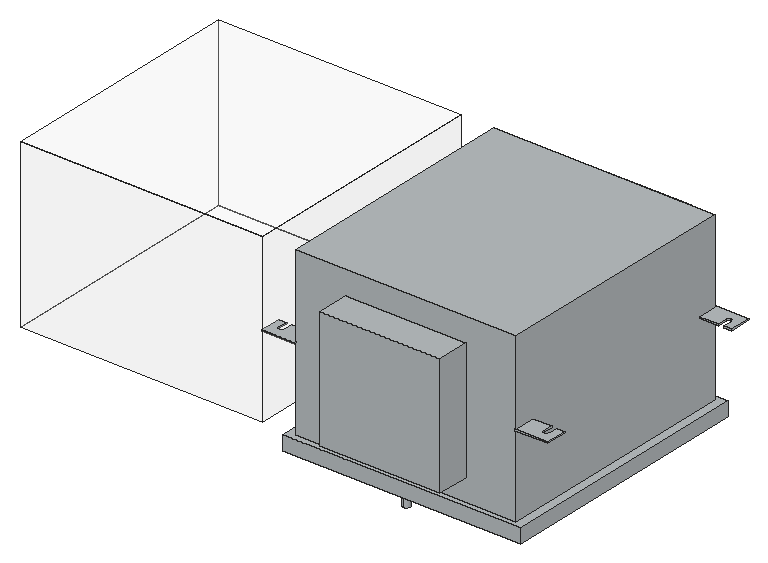
Revit family "bfs-300_1000tx2_60Hz", category 機械設備, Revit 2019
Family settings
  丸型コネクタ寸法 = 直径を使用
  パーツ タイプ = 割り込み
  OmniClass 番号 = 23.75.35.17.24
  OmniClass タイトル = Axial Fans
  作業面ベース = いいえ
  常に垂直 = はい
  ロード時にボイドで切り取り = いいえ
  共有 = いいえ
  部屋計算ポイント = はい
Parameters (values of type "BFS-300TX2")
  騒音レベル(dB(A))_吸込 = 70
  騒音レベル(dB(A))_吐出 = 73
  騒音レベル(dB(A))_側面 = 50.5
  騒音レベル(dB(A)) = 70
  風量 [instance] = 設計風量  # 0.0 m³/h
  電源種別 [instance] = "一般"
  電圧 = 200 V
  電動機出力 = 1500 W
  電動機_種別 [instance] = ""
  運転質量 = 0.00 kg
  連動 [instance] = ""
  質量 = if(製品質量 > 運転質量, 製品質量, 運転質量) * 1.2  # 46.80 kg
  負荷分類 = 3_ファン類
  説明 = "ストレートシロッコファン厨房用"
  設計風量 [instance] = 0.0 m³/h
  設置方法 = "天吊"
  記号 [instance] = ""
  製造元 = "三菱電機株式会社"
  製品質量 = 39.00 kg
  製品出荷対象 = "国内"
  製品リリース年月 = "2022年6月1日"
  製品グループ = ""
  系統 [instance] = ""
  符号 [instance] = if(☑給気／□排気, "FS", "FE")  # "FE"
  積算_科目 = "2 換気設備"
  積算_拾い区分 [instance] = ""
  相 = 3
  盤記号 [instance] = ""
  盤工事区分 = "電気工事"
  発停方法 [instance] = "別売スイッチ"
  番手 = "#2"
  特殊仕様 [instance] = ""
  火災停止 [instance] = ""
  消費電力 = 1240 W
  法定耐用年数 = "15"
  機外静圧 [instance] = 0.0 Pa
  極数 = 3
  極 = 4
  材質 [instance] = ""
  本体マテリアル = SUS304
  操作・制御方式 = ""
  操作・制御スイッチ = ""
  排気量 [instance] = if(☑給気／□排気, 0.0 m³/h, 設計風量)  # 0.0 m³/h
  形式 = ""
  形名 = BFS-TX : BFS-300TX
  幹線記号 [instance] = ""
  対象室 [instance] = ""
  実風量 = 0.0 m³/h
  始動方式 [instance] = "直入"
  外気量 [instance] = if(☑給気／□排気, 設計風量, 0.0 m³/h)  # 0.0 m³/h
  呼称 = "消音ボックス付送風機"
  周波数 = 60 Hz
  天吊金具ピッチ幅 = 655 mm
  天吊金具ピッチ奥行 = 562 mm
  参照している仕様書等のバージョン = ""
  分類コード = "50052502100020"
  分類グループ = ""
  価格 = 463000
  企業コード = "108420"
  付属品_防振装置 = ""
  付属品 [instance] = ""
  仕様書バージョン = "Version1.0"
  モデル = "BFS-300TX2"
  ファンの種類 = "多翼形"
  ドレン管径 = 18 mm
  ダクト高 = 300 mm
  ダクト幅 = 300 mm
  サービススペース = yes
  コメント [instance] = ""
  Keynote = ""
  ☑給気／□排気 [instance] = no
  Width = 546 mm
  Version = ""
  Uniclass2015Version = "Systems v1.9"
  Uniclass2015Title = "Centrifugal fans"
  Uniclass2015Code = "Pr_65_67_29_12"
  URL = "https://www.mitsubishielectric.co.jp/ldg/wink/ssl/displayProduct.do?pid=319095"
  SpecificationReference = ""
  SpecificationDescription = ""
  Revision = ""
  ProductInformation = ""
  OmniClassCode = "23-33 31 19 13 15"
  MIN風量 = 0.0 m³/h
  MIN静圧 = 0.0 Pa
  MID風量 = 0.0 m³/h
  MID静圧 = 0.0 Pa
  MAX風量 = 3000.0 m³/h
  MAX静圧 = 460.0 Pa
  M = 80 mm
  IfcTypeProduct = ""
  IfcProduct = ""
  IfcExportType = "CENTRIFUGALFORWARDCURVED"
  IfcExportAs = "IfcFanType"
  Height = 411 mm
  Front-d = 80 mm
  Depth = 614 mm
  Clearance Top = 0 mm  # constant formula
  Clearance Right = 0 mm  # constant formula
  Clearance Left = 600 mm
  Clearance Front = 0 mm
  Clearance Bottom = 0 mm  # constant formula
  Clearance Back = 0 mm
  Author = "三菱電機株式会社"
Types (5, lengths in mm): name | 騒音レベル(dB(A))_吸込 | 騒音レベル(dB(A))_吐出 | 騒音レベル(dB(A))_側面 | 騒音レベル(dB(A)) | 電動機出力 | 質量 | 製品質量 | 番手 | 消費電力 | 形名 | 天吊金具ピッチ幅 | 天吊金具ピッチ奥行 | 価格 | モデル | ダクト高 | ダクト幅 | Width | URL | MAX風量 | MAX静圧 | Height | Front-d | Depth | Clearance Front | Clearance Back
  BFS-300TX2 | 70 | 73 | 50.5 | 70 | 1500 W | 46.80 kg | 39.00 kg | "#2" | 1240 W | BFS-TX : BFS-300TX | 655 | 562 | 463000 | "BFS-300TX2" | 300 | 300 | 546 | "https://www.mitsubishielectric.co.jp/ldg/wink/ssl/displayProduct.do?pid=319095" | 3000.0 m³/h | 460.0 Pa | 411 | 80 | 614 | 0 | 0
  BFS-450TX2 | 65 | 72 | 48 | 65 | 2200 W | 92.40 kg | 77.00 kg | "#1 1/2×2" | 1350 W | BFS-TX : BFS-450TX | 922 | 685 | 745000 | "BFS-450TX2" | 250 | 700 | 819 | "https://www.mitsubishielectric.co.jp/ldg/wink/ssl/displayProduct.do?pid=319108" | 4500.0 m³/h | 380.0 Pa | 415 | 81.5 | 728 | 600 | 600
  BFS-550TX2 | 70 | 75 | 50.5 | 70 | 3000 W | 100.80 kg | 84.00 kg | "#2×2" | 2080 W | BFS-TX : BFS-550TX | 1015 | 728 | 830000 | "BFS-550TX2" | 300 | 750 | 912 | "https://www.mitsubishielectric.co.jp/ldg/wink/ssl/displayProduct.do?pid=319118" | 5500.0 m³/h | 460.0 Pa | 455 | 81.5 | 771 | 600 | 600
  BFS-800TX2 | 70 | 71 | 49.5 | 70 | 3500 W | 145.20 kg | 121.00 kg | "#2×3" | 3350 W | BFS-TX : BFS-800TX | 1018 | 1630 | 1980000 | "BFS-800TX2" | 300 | 800 | 952 | "https://www.mitsubishielectric.co.jp/ldg/wink/ssl/displayProduct.do?pid=318895" | 8000.0 m³/h | 450.0 Pa | 461.4 | 18 | 1690 | 18 | 18
  BFS-1000TX2 | 70.5 | 71.5 | 50 | 70.5 | 4400 W | 182.40 kg | 152.00 kg | "#2×4" | 4450 W | BFS-TX : BFS-1000TX | 1138 | 1850 | 2338000 | "BFS-1000TX2" | 300 | 900 | 1072 | "https://www.mitsubishielectric.co.jp/ldg/wink/ssl/displayProduct.do?pid=318844" | 10000.0 m³/h | 455.0 Pa | 461.4 | 18 | 1910 | 18 | 18
Reference planes
  plane 1 "中心(正面/背面)": y = 0
  plane 2: z = 0
  plane 3 "中心(左/右)": x = -128
  plane 4 "左": x = -401
  plane 5 "右": x = 145
  plane 6 "背面": y = 307
  plane 7 "正面": y = -307
  plane 8: z = 205.5
  plane 9: y = 281
  plane 10: y = -281
  plane 11: x = 199.5
  plane 12: x = -455.5
  plane 13: z = -205.5
  plane 14: z = 205.5
  plane 15: z = -205.5
  plane 16: y = 307
  plane 17: y = -307
  plane 18: x = 145
  plane 19: x = -1081
  plane 20: x = -481
Lines and regions (mm)
  Masking region 1, detail levels coarse+medium
    outline origin (-316.276, -1387.465, 0) x (1, 0, 0) y (0, 1, 0)
      loop
        line (-84.724, 1080.465) -> (461.276, 1080.465) -> (461.276, 1694.465) -> (-84.724, 1694.465) -> (-84.724, 1080.465)
  symbolic lines, detail levels coarse+medium
    curve 1: line (-401, 307, 0) -> (145, 0, 0)
    curve 2: line (145, 0, 0) -> (-401, -307, 0)
Dimensions and locks
  "Width": plane 4 "左" to plane 5 "右"
  equal spacing: plane 7 "正面", plane 1 "中心(正面/背面)", plane 6 "背面"
  "Depth": plane 7 "正面" to plane 6 "背面"
  equal spacing: plane 8, level, plane 13
  "Height": plane 8 to plane 13
  equal spacing: plane 10, plane 1 "中心(正面/背面)", plane 9
  "天吊金具ピッチ奥行": plane 10 to plane 9
  "天吊金具ピッチ幅": plane 12 to plane 11
  equal spacing: plane 4 "左", plane 3 "中心(左/右)", plane 5 "右"
  equal spacing: plane 12, plane 3 "中心(左/右)", plane 11
  "Clearance Top": plane 14 to plane 8
  "Clearance Bottom": plane 13 to plane 15
  "Clearance Back": plane 6 "背面" to plane 16
  "Clearance Right": plane 5 "右" to plane 18
  "Clearance Front": plane 17 to plane 7 "正面"
  "Front-d": plane 20 to plane 4 "左"
  "Clearance Left": plane 19 to plane 20
  aligned and locked: level to plane 2
  aligned and locked: nested 1 to plane 9
  aligned and locked: plane 10 to nested 1
  aligned and locked: plane 12 to nested 1
  aligned and locked: plane 11 to nested 1
  aligned and locked: plane 8 to nested 2
  aligned and locked: plane 19 to nested 3
  aligned and locked: plane 17 to nested 3
  aligned and locked: plane 14 to nested 3
  aligned and locked: plane 15 to nested 3
  aligned and locked: plane 16 to nested 3
  aligned and locked: plane 20 to nested 3
  aligned and locked: plane 1 "中心(正面/背面)" to nested 2
  aligned and locked: nested 2 to plane 3 "中心(左/右)"
  aligned and locked: plane 5 "右" to Masking region 1
  aligned and locked: Masking region 1 to plane 4 "左"
  aligned and locked: Masking region 1 to plane 6 "背面"
  aligned and locked: plane 7 "正面" to Masking region 1
Automatic sketch dimensions
  plane 4 "左" to Masking region 1 sketch curve = 0 mm
  Masking region 1 sketch curve to plane 5 "右" = 0 mm
  plane 7 "正面" to Masking region 1 sketch curve = 0 mm
  Masking region 1 sketch curve to plane 7 "正面" = 614 mm
  curve 2 to plane 4 "左" = 0 mm
  curve 1 to plane 4 "左" = 0 mm
  curve 2 to plane 5 "右" = 0 mm
  plane 1 "中心(正面/背面)" to curve 1 = 0 mm
  plane 7 "正面" to curve 2 = 0 mm
  plane 6 "背面" to curve 1 = 0 mm
Nested families
  nested 1: "固定点" at (-455.5, -281, 0), type "固定点"
    with W 655 mm, D 562 mm, 中心円 14 mm
  nested 2: "BFS-TX" at (-128, 0, -205.5) x (0, -1, 0) z (0, 0, 1), type <- "形名", type "BFS-300TX"
  nested 3: "サービススペース" at (-781, 0, 0), type "サービススペース"
    with Width 600 mm, Height 411 mm, Depth 614 mm
Connectors
  hvac at (-128, -387, -1.5), driven by "ダクト高", driven by "ダクト幅", driven by "機外静圧", driven by "風量"
    settings: on nested 2, index 1, duct flow 0.0 m³/h, flow factor 0, pres drop 0.0 Pa, loss coef 0, conn angle 0.00°, conn width 300 mm, conn height 300 mm, conn diameter 609.6 mm, duct sys type 29, conn prof type 1, flow config 0, flow direction 2, loss method 4, conn ref index -1, conn util no, is conn primary yes, conn desc "Out"
  hvac at (-128, 387, -1.5), driven by "ダクト高", driven by "ダクト幅", driven by "機外静圧", driven by "風量"
    settings: on nested 2, index 2, duct flow 0.0 m³/h, flow factor 0, pres drop 0.0 Pa, loss coef 0, conn angle 0.00°, conn width 300 mm, conn height 300 mm, conn diameter 609.6 mm, duct sys type 29, conn prof type 1, flow config 0, flow direction 1, loss method 4, conn ref index -1, conn util no, is conn primary no, conn desc "In"
  electrical at (-441, -8.5, 68.4), driven by "極数", driven by "負荷分類", driven by "電圧", driven by "消費電力"
    settings: on nested 2, index 3, voltage 200 V, apparent load 1240 VA, apparent load phase1 0 VA, apparent load phase2 0 VA, apparent load phase3 0 VA, power factor 1, load classification "3_ファン類", number of poles 3, system type 30, power factor state 1, is connector primary yes, connector utility no, sub classification motor no, connector description ""
  piping at (-128, -305, -265.5), diameter 18, driven by "ドレン管径"
    settings: on nested 2, index 4, connector inside diameter 609.6 mm, connector length 0 mm, flow factor 0, pipe flow 0.0 L/s, pressure drop 0.0 Pa, fitting loss kfactor 0, connector angle 0.00°, fixture units 0, engagement length 0 mm, angle of deflection 0.00°, flow configuration 1, flow direction 2, fitting loss method 4, system type 16, joint type 0, gender type 0, connector reference index -1, connector utility 0, adjustable connector no, is connector primary yes, connector description ""
  piping at (-406.5, 0, -265.5), diameter 18, driven by "ドレン管径"
    settings: on nested 2, index 5, connector inside diameter 609.6 mm, connector length 0 mm, flow factor 0, pipe flow 0.0 L/s, pressure drop 0.0 Pa, fitting loss kfactor 0, connector angle 0.00°, fixture units 0, engagement length 0 mm, angle of deflection 0.00°, flow configuration 1, flow direction 2, fitting loss method 4, system type 16, joint type 0, gender type 0, connector reference index -1, connector utility 0, adjustable connector no, is connector primary no, connector description ""
Definition of nested family "BFS-TX"
  Parameters (values of type "BFS-300TX1")
    端子カバー高 = 150 mm  # constant formula
    端子カバー手前位置 = 100 mm
    端子カバー幅 = 40 mm  # constant formula
    端子カバー奥行 = 397 mm  # constant formula
    端子カバー上位置 = 62.1 mm  # constant formula
    吊りボルト2 = no
    吊りボルト1-高さ = 204 mm
    吊りボルト1 = yes
    吊りボルト-φ = 13.5 mm
    吊りボルト-W2 = 52 mm
    吊りボルト-W1 = 562 mm
    吊りボルト-D2 = 706 mm
    吊りボルト-D1 = 655 mm
    中心高さ = 207 mm
    マテリアル = none
    ドレン位置2 = 15 mm
    ドレン位置1 = 15 mm
    ドレイン2 = yes
    ドレイン1 = no
    カバーW = 400 mm
    カバーH = 411 mm
    カバー = no
    ダクトD = 298 mm
    ダクトW = 298 mm
    w1 = 640 mm
    d2 = 293.5 mm
    d1 = 587 mm
    b = 400 mm
    a = 80 mm
    W = 614 mm
    H3 = 35 mm
    H2 = 25 mm
    H = 411 mm
    c = 80 mm
    D = 546 mm
  Types (5, lengths in mm): name | 端子カバー手前位置 | 吊りボルト2 | 吊りボルト1-高さ | 吊りボルト1 | 吊りボルト-φ | 吊りボルト-W2 | 吊りボルト-W1 | 吊りボルト-D2 | 吊りボルト-D1 | 中心高さ | ドレン位置2 | ドレン位置1 | ドレイン2 | ドレイン1 | カバーW | カバーH | カバー | ダクトD | ダクトW | w1 | d2 | d1 | b | W | H3 | H | c | D
    BFS-300TX1 | 100 | no | 204 | yes | 13.5 | 52 | 562 | 706 | 655 | 207 | 15 | 15 | yes | no | 400 | 411 | no | 298 | 298 | 640 | 293.5 | 587 | 400 | 614 | 35 | 411 | 80 | 546
    BFS-450TX | 80 | yes | 214 | no | 14 | 50 | 685 | 982 | 922 | 161 | 15 | 15 | no | yes | 568 | 391 | no | 248 | 698 | 581 | 429 | 858 | 568 | 728 | 45 | 415 | 80 | 819
    BFS-550TX1 | 80 | yes | 214 | no | 14 | 50 | 728 | 1075 | 1015 | 172 | 25 | 15 | no | yes | 624 | 432 | no | 298 | 748 | 624 | 474 | 948 | 624 | 771 | 45 | 455 | 73.5 | 912
    BFS-800TX | 295.8 | no | 0 | yes | 13.5 | 52 | 1630 | 1112 | 1018 | 206 | 20 | 20 | no | yes | 300 | 200 | yes | 298 | 798 | 1726 | 494 | 440 | 624 | 1690 | 40.6 | 461.4 | 300 | 952
    BFS-1000TX | 621 | no | 0 | yes | 13.5 | 52 | 1850 | 1232 | 1138 | 206 | 19.8 | 19.8 | no | yes | 300 | 200 | yes | 298 | 898 | 1946 | 554 | 440 | 624 | 1910 | 40.6 | 461.4 | 600 | 1072
  Reference planes
    plane 1 "中心(正面/背面)": y = 0
    plane 2: z = 0
    plane 3 "中心(左/右)": x = 0
    plane 4: y = 273
    plane 5: y = 327.5
    plane 6: y = 353
    plane 7: y = -273
    plane 8: y = -327.5
    plane 9: y = -353
    plane 10: x = -307
    plane 11: x = -281
    plane 12: x = -310
    plane 13: x = 307
    plane 14: x = 281
    plane 15: x = 310
    plane 16: z = 411
    plane 17: z = 421
    plane 18: x = -193
    plane 19: x = 207
    plane 20: x = 387
    plane 21: x = -387
    plane 22: z = 207
    plane 23: z = 204
    plane 24: z = 166
    plane 25: x = -258
    plane 26: z = 189
    plane 27: x = 258
    plane 28: y = 276
    plane 29: x = 377
    plane 30: x = 317
    plane 31: x = -317
    plane 32: x = -377
    plane 33: x = -190
    plane 34: z = 348.9
    plane 35: z = 198.9
    plane 36: y = -313
    plane 37: y = 293.5
    plane 38: y = -293.5
    plane 39: x = -320
    plane 40: x = 320
    plane 41: z = -20
    plane 42: z = -25
    plane 43: z = -50
    plane 44: y = -278.5
    plane 45: z = -5
    plane 46: z = -35
    plane 47: z = -60
    plane 48: x = 305
    plane 49: z = 204
    plane 50: z = 353
    plane 51: z = 55
    plane 52: y = 112.5
    plane 53: y = 149
    plane 54: y = -149
  Forms (mm)
    Extrusion 1, solid, material <- "マテリアル", detail levels fine
      sketch origin (0, 0, 0) x (1, 0, 0) y (0, 1, 0)
        loop
          line (-307, 273) -> (-307, -273) -> (307, -273) -> (307, 273) -> (-307, 273)
      from 0 to 411
    Extrusion 2, solid, material <- "マテリアル", visible <- "吊りボルト1", detail levels fine
      sketch origin (0, 0, 0) x (1, 0, 0) y (0, 1, 0)
        loop
          line (-310, -273) -> (-310, -353) -> (-258, -353) -> (-258, -334.25) -> (-281, -334.25)
          arc (-281, -334.25) -> (-287.75, -327.5) -> (-281, -320.75) r 6.75
          line (-281, -320.75) -> (-258, -320.75) -> (-258, -273) -> (-310, -273)
      from 204 to 207
    Extrusion 3, solid, material <- "マテリアル", visible <- "吊りボルト1", detail levels fine
      sketch origin (0, 0, 0) x (1, 0, 0) y (0, 1, 0)
        loop
          line (-310, 273) -> (-258, 273) -> (-258, 320.75) -> (-281, 320.75)
          arc (-281, 320.75) -> (-287.75, 327.5) -> (-281, 334.25) r 6.75
          line (-281, 334.25) -> (-258, 334.25) -> (-258, 353) -> (-310, 353) -> (-310, 273)
      from 204 to 207
    Extrusion 4, solid, material <- "マテリアル", visible <- "吊りボルト1", detail levels fine
      sketch origin (0, 0, 0) x (-1, 0, 0) y (0, -1, 0)
        loop
          line (-310, -273) -> (-310, -353) -> (-258, -353) -> (-258, -334.25) -> (-281, -334.25)
          arc (-281, -334.25) -> (-287.75, -327.5) -> (-281, -320.75) r 6.75
          line (-281, -320.75) -> (-258, -320.75) -> (-258, -273) -> (-310, -273)
      from 204 to 207
    Extrusion 5, solid, material <- "マテリアル", visible <- "吊りボルト1", detail levels fine
      sketch origin (0, 0, 0) x (-1, 0, 0) y (0, -1, 0)
        loop
          line (-310, 273) -> (-258, 273) -> (-258, 320.75) -> (-281, 320.75)
          arc (-281, 320.75) -> (-287.75, 327.5) -> (-281, 334.25) r 6.75
          line (-281, 334.25) -> (-258, 334.25) -> (-258, 353) -> (-310, 353) -> (-310, 273)
      from 204 to 207
    Extrusion 6, solid, material <- "マテリアル", detail levels fine
      sketch origin (0, 0, 0) x (1, 0, 0) y (0, 0, 1)
        loop
          line (207, 348.9) -> (-190, 348.9) -> (-190, 198.9) -> (207, 198.9) -> (207, 348.9)
      from 273 to 313
    Extrusion 7, solid, material <- "マテリアル", detail levels fine
      sketch origin (0, 0, 0) x (1, 0, 0) y (0, 0, 1)
        loop
          line (-320, 0) -> (-320, -35) -> (320, -35) -> (320, 0) -> (-320, 0)
      from -293.5 to 293.5
    Extrusion 8, solid, material <- "マテリアル", detail levels fine
      sketch origin (0, 0, 0) x (1, 0, 0) y (0, 1, 0)
        loop
          line (387, -149) -> (387, 149) -> (307, 149) -> (307, -149) -> (387, -149)
        loop
          line (-387, -149) -> (-307, -149) -> (-307, 149) -> (-387, 149) -> (-387, -149)
      from 55 to 353
    Extrusion 9, solid, material <- "マテリアル", visible <- "吊りボルト2", detail levels fine
      sketch origin (0, 0, 0) x (1, 0, 0) y (0, 1, 0)
        loop
          line (320, 353) -> (310, 353) -> (310, 334.25) -> (281, 334.25)
          arc (281, 334.25) -> (274.25, 327.5) -> (281, 320.75) r 6.75
          line (281, 320.75) -> (310, 320.75) -> (310, -320.75) -> (281, -320.75)
          arc (281, -320.75) -> (274.25, -327.5) -> (281, -334.25) r 6.75
          line (281, -334.25) -> (310, -334.25) -> (310, -353) -> (320, -353) -> (320, 353)
        loop
          line (-320, 353) -> (-320, -353) -> (-310, -353) -> (-310, -334.25) -> (-281, -334.25)
          arc (-281, -334.25) -> (-274.25, -327.5) -> (-281, -320.75) r 6.75
          line (-281, -320.75) -> (-310, -320.75) -> (-310, 320.75) -> (-281, 320.75)
          arc (-281, 320.75) -> (-274.25, 327.5) -> (-281, 334.25) r 6.75
          line (-281, 334.25) -> (-310, 334.25) -> (-310, 353) -> (-320, 353)
      from -5 to 0
    Extrusion 10, solid, material <- "マテリアル", visible <- "ドレイン1", detail levels fine
      sketch origin (0, 0, 0) x (1, 0, 0) y (0, 1, 0)
        loop
          circle (0, -278.5) r 9
      from -60 to -35
    Extrusion 11, solid, material <- "マテリアル", visible <- "ドレイン2", detail levels fine
      sketch origin (0, 0, 0) x (1, 0, 0) y (0, 1, 0)
        loop
          circle (305, 0) r 9
      from -60 to -35
  Dimensions and locks
    plane 12 to plane 15 = 620 mm
    "吊りボルト-W1": plane 11 to plane 14
    "W": plane 10 to plane 13
    "吊りボルト-D2": plane 9 to plane 6
    "吊りボルト-D1": plane 8 to plane 5
    "D": plane 7 to plane 4
    equal spacing: plane 7, plane 1 "中心(正面/背面)", plane 4
    equal spacing: plane 10, plane 3 "中心(左/右)", plane 13
    "H": plane 16 to level
    locked: plane 13 to plane 15 at 3
    locked: plane 12 to plane 10 at 3
    locked: plane 22 to plane 23 at 3
    locked: plane 22 to plane 24 at 41
    "吊りボルト-W2": plane 12 to plane 25
    locked: plane 23 to plane 26 at 15
    "吊りボルト-W2": plane 27 to plane 15
    locked: plane 28 to plane 4 at 3
    "a": plane 21 to plane 10
    "a": plane 13 to plane 20
    locked: plane 21 to plane 32 at 10
    locked: plane 31 to plane 10 at 10
    locked: plane 13 to plane 30 at 10
    locked: plane 29 to plane 20 at 10
    "端子カバー手前位置": plane 13 to plane 19
    "b": plane 19 to plane 18
    "端子カバー奥行": plane 19 to plane 33
    "端子カバー高": plane 34 to plane 35
    "端子カバー幅": plane 36 to plane 7
    "d1": plane 38 to plane 37
    "w1": plane 39 to plane 40
    equal spacing: plane 39, plane 3 "中心(左/右)", plane 40
    locked: level to plane 41 at 20
    "H2": level to plane 42
    locked: plane 42 to plane 43 at 25
    plane 38 to plane 37 = 587 mm
    "ドレン位置1": plane 38 to plane 44
    equal spacing: plane 11, plane 3 "中心(左/右)", plane 14
    equal spacing: plane 9, plane 1 "中心(正面/背面)", plane 6
    equal spacing: plane 8, plane 1 "中心(正面/背面)", plane 5
    locked: plane 17 to plane 16 at 10
    "d2": plane 38 to plane 1 "中心(正面/背面)"
    locked: level to plane 45 at 5
    locked: plane 46 to plane 47 at 25
    "ドレン位置2": plane 48 to plane 40
    equal spacing: plane 50, plane 49, plane 51
    "ダクトD": plane 50 to plane 51
    equal spacing: plane 54, plane 1 "中心(正面/背面)", plane 53
    "ダクトW": plane 54 to plane 53
    "H3": level to plane 46
    "端子カバー上位置": plane 16 to plane 34
    "中心高さ": plane 16 to plane 49
    "吊りボルト1-高さ": plane 16 to plane 22
    "吊りボルト-φ": diameter of Extrusion 9 sketch curve  (x4)
    "吊りボルト-φ": diameter of Extrusion 2 sketch curve
    "吊りボルト-φ": diameter of Extrusion 3 sketch curve
    "吊りボルト-φ": diameter of Extrusion 4 sketch curve
    "吊りボルト-φ": diameter of Extrusion 5 sketch curve
    radius of Extrusion 10 sketch curve = 9 mm
    radius of Extrusion 11 sketch curve = 9 mm
    aligned and locked: level to plane 2
    aligned and locked: plane 4 to Extrusion 1 sketch curve
    aligned and locked: plane 10 to Extrusion 1 sketch curve
    aligned and locked: Extrusion 1 sketch curve to plane 7
    aligned and locked: Extrusion 1 sketch curve to plane 13
    aligned and locked: plane 16 to Extrusion 1
    aligned and locked: plane 7 to Extrusion 2 sketch curve
    aligned and locked: plane 12 to Extrusion 2 sketch curve
    aligned and locked: Extrusion 2 sketch curve to plane 9
    aligned and locked: Extrusion 2 sketch curve to plane 25  (x2)
    aligned and locked: plane 11 to Extrusion 2 sketch curve
    aligned and locked: plane 8 to Extrusion 2 sketch curve
    aligned and locked: plane 22 to Extrusion 2
    aligned and locked: Extrusion 2 to plane 23
    aligned and locked: plane 25 to Extrusion 3 sketch curve  (x2)
    aligned and locked: plane 5 to Extrusion 3 sketch curve
    aligned and locked: plane 11 to Extrusion 3 sketch curve
    aligned and locked: Extrusion 3 sketch curve to plane 6
    aligned and locked: Extrusion 3 sketch curve to plane 12
    aligned and locked: plane 4 to Extrusion 3 sketch curve
    aligned and locked: plane 22 to Extrusion 3
    aligned and locked: Extrusion 3 to plane 23
    aligned and locked: Extrusion 4 to plane 6
    aligned and locked: plane 15 to Extrusion 4
    aligned and locked: Extrusion 4 to plane 27
    aligned and locked: plane 27 to Extrusion 4 sketch curve  (x2)
    aligned and locked: plane 6 to Extrusion 4 sketch curve
    aligned and locked: Extrusion 4 sketch curve to plane 15
    aligned and locked: plane 5 to Extrusion 4 sketch curve
    aligned and locked: plane 14 to Extrusion 4 sketch curve
    aligned and locked: Extrusion 4 sketch curve to plane 4
    aligned and locked: Extrusion 4 to plane 23
    aligned and locked: plane 22 to Extrusion 4
    aligned and locked: plane 9 to Extrusion 5 sketch curve
    aligned and locked: plane 15 to Extrusion 5 sketch curve
    aligned and locked: Extrusion 5 sketch curve to plane 7
    aligned and locked: Extrusion 5 sketch curve to plane 27  (x2)
    aligned and locked: plane 14 to Extrusion 5 sketch curve
    aligned and locked: plane 8 to Extrusion 5 sketch curve
    aligned and locked: Extrusion 5 to plane 23
    aligned and locked: plane 22 to Extrusion 5
    aligned and locked: plane 34 to Extrusion 6 sketch curve
    aligned and locked: plane 19 to Extrusion 6 sketch curve
    aligned and locked: Extrusion 6 sketch curve to plane 35
    aligned and locked: Extrusion 6 sketch curve to plane 33
    aligned and locked: Extrusion 6 to plane 7
    aligned and locked: Extrusion 7 sketch curve to level
    aligned and locked: Extrusion 7 sketch curve to plane 39
    aligned and locked: Extrusion 7 sketch curve to plane 40
    aligned and locked: plane 20 to Extrusion 8 sketch curve
    aligned and locked: plane 54 to Extrusion 8 sketch curve
    aligned and locked: plane 21 to Extrusion 8 sketch curve
    aligned and locked: Extrusion 8 sketch curve to plane 54
    aligned and locked: plane 10 to Extrusion 8
    aligned and locked: Extrusion 8 to plane 13
    aligned and locked: plane 50 to Extrusion 8
    aligned and locked: Extrusion 8 to plane 51
    aligned and locked: Extrusion 8 sketch curve to plane 53
    aligned and locked: plane 53 to Extrusion 8 sketch curve
    aligned and locked: Extrusion 9 sketch curve to plane 40
    aligned and locked: Extrusion 9 sketch curve to plane 39
    aligned and locked: Extrusion 9 sketch curve to plane 15  (x3)
    aligned and locked: Extrusion 9 sketch curve to plane 12  (x3)
    aligned and locked: Extrusion 9 sketch curve to plane 9  (x2)
    aligned and locked: Extrusion 9 sketch curve to plane 6  (x2)
    aligned and locked: plane 5 to Extrusion 9 sketch curve  (x2)
    aligned and locked: plane 11 to Extrusion 9 sketch curve  (x2)
    aligned and locked: plane 14 to Extrusion 9 sketch curve  (x2)
    aligned and locked: plane 8 to Extrusion 9 sketch curve  (x2)
    aligned and locked: level to Extrusion 9
    aligned and locked: Extrusion 9 to plane 45
    aligned and locked: plane 44 to Extrusion 10 sketch curve
    aligned and locked: plane 3 "中心(左/右)" to Extrusion 10 sketch curve
    aligned and locked: plane 1 "中心(正面/背面)" to Extrusion 11 sketch curve
    aligned and locked: plane 48 to Extrusion 11 sketch curve
    aligned and locked: Extrusion 11 to plane 47
    aligned and locked: Extrusion 10 to plane 47
    aligned and locked: plane 36 to Extrusion 6
    aligned and locked: Extrusion 7 to plane 46
    aligned and locked: level to Extrusion 7
    aligned and locked: plane 46 to Extrusion 10
    aligned and locked: plane 46 to Extrusion 11
    aligned and locked: plane 38 to Extrusion 7
    aligned and locked: Extrusion 7 to plane 37
  Automatic sketch dimensions
    Extrusion 8 sketch curve to plane 10 = 0 mm
    Extrusion 8 sketch curve to plane 13 = 0 mm
    Extrusion 7 sketch curve to plane 46 = 0 mm
    Extrusion 2 sketch curve to plane 11 = 0 mm
    Extrusion 3 sketch curve to plane 11 = 0 mm
    Extrusion 4 sketch curve to plane 14 = 0 mm
    Extrusion 5 sketch curve to plane 14 = 0 mm
Definition of nested family "サービススペース"
  Parameters (values of type "サービススペース")
    Width [instance] = 500 mm
    Height [instance] = 500 mm
    Depth [instance] = 500 mm
  Reference planes
    plane 1 "中心(正面/背面)": y = 0
    plane 2: z = 0
    plane 3 "中心(左/右)": x = 0
    plane 4: y = -250
    plane 5: x = 250
    plane 6: y = 250
    plane 7: x = -250
    plane 8: z = 250
    plane 9: z = -250
  Forms (mm)
    Extrusion 1, solid
      sketch origin (-638.939, 0, 72.39) x (1, 0, 0) y (0, 1, 0)
        loop
          line (388.939, 250) -> (388.939, -250) -> (888.939, -250) -> (888.939, 250) -> (388.939, 250)
      from -322.39 to 177.61
  Lines and regions (mm)
    symbolic lines
      curve 1: line (-250, 0, 250) -> (250, 0, 250)
      curve 2: line (-250, 0, -250) -> (-250, 0, 250)
      curve 3: line (250, 0, -250) -> (-250, 0, -250)
      curve 4: line (250, 0, 250) -> (250, 0, -250)
      curve 5: line (0, -250, 250) -> (0, 250, 250)
      curve 6: line (0, -250, -250) -> (0, -250, 250)
      curve 7: line (0, 250, -250) -> (0, -250, -250)
      curve 8: line (0, 250, 250) -> (0, 250, -250)
      curve 9: line (-250, 250, 0) -> (250, 250, 0)
      curve 10: line (-250, -250, 0) -> (-250, 250, 0)
      curve 11: line (250, -250, 0) -> (-250, -250, 0)
      curve 12: line (250, 250, 0) -> (250, -250, 0)
  Dimensions and locks
    equal spacing: plane 7, plane 3 "中心(左/右)", plane 5
    equal spacing: plane 4, plane 1 "中心(正面/背面)", plane 6
    "Depth": plane 4 to plane 6
    "Width": plane 7 to plane 5
    equal spacing: plane 8, plane 2, plane 9
    "Height": plane 8 to plane 9
    aligned and locked: plane 9 to curve 3
    aligned and locked: plane 7 to curve 2
    aligned and locked: curve 4 to plane 5
    aligned and locked: plane 5 to Extrusion 1
    aligned and locked: Extrusion 1 to plane 7
    aligned and locked: Extrusion 1 to plane 9
    aligned and locked: plane 8 to Extrusion 1
    aligned and locked: plane 9 to curve 7
  Automatic sketch dimensions
    plane 4 to Extrusion 1 sketch curve = 0 mm
    Extrusion 1 sketch curve to plane 7 = 0 mm
    Extrusion 1 sketch curve to plane 5 = 0 mm
    plane 6 to Extrusion 1 sketch curve = 0 mm
    curve 2 to plane 8 = 0 mm
    plane 4 to curve 11 = 0 mm
    curve 11 to plane 7 = 0 mm
    curve 11 to plane 5 = 0 mm
    plane 6 to curve 10 = 0 mm
    curve 7 to plane 4 = 0 mm
    curve 7 to plane 6 = 0 mm
    curve 6 to plane 8 = 0 mm
Definition of nested family "固定点"
  Parameters (values of type "固定点")
    中心円 = 11 mm
    W [instance] = 1000 mm
    D [instance] = 1000 mm
  Reference planes
    plane 1 "中心(正面/背面)": y = 0
    plane 2: z = 0
    plane 3 "中心(左/右)": x = 0
    plane 4: x = 1000
    plane 5: y = 1000
  Lines and regions (mm)
    symbolic lines, detail levels fine
      curve 1: circle (0, 1000, 0) r 5.5 normal (0, 0, 1)
      curve 2: circle (0, 0, 0) r 5.5 normal (0, 0, 1)
      curve 3: circle (1000, 1000, 0) r 5.5 normal (0, 0, 1)
      curve 4: circle (1000, 0, 0) r 5.5 normal (0, 0, 1)
      curve 5: line (-200, 1000, 0) -> (1200, 1000, 0)
      curve 6: line (-200, 0, 0) -> (1200, 0, 0)
      curve 7: line (0, 1200, 0) -> (0, -200, 0)
      curve 8: line (1000, 1200, 0) -> (1000, -200, 0)
  Dimensions and locks
    "W": plane 3 "中心(左/右)" to plane 4
    "D": plane 1 "中心(正面/背面)" to plane 5
    "中心円": diameter of curve 1
    "中心円": diameter of curve 2
    "中心円": diameter of curve 3
    "中心円": diameter of curve 4
    aligned and locked: level to plane 2
    aligned and locked: plane 5 to curve 1
    aligned and locked: plane 3 "中心(左/右)" to curve 1
    aligned and locked: plane 3 "中心(左/右)" to curve 2
    aligned and locked: plane 1 "中心(正面/背面)" to curve 2
    aligned and locked: plane 4 to curve 3
    aligned and locked: plane 5 to curve 3
    aligned and locked: plane 1 "中心(正面/背面)" to curve 4
    aligned and locked: plane 4 to curve 4
    aligned and locked: plane 1 "中心(正面/背面)" to curve 6
    aligned and locked: curve 7 to plane 3 "中心(左/右)"
    aligned and locked: curve 8 to plane 4
  Automatic sketch dimensions
    curve 5 to plane 5 = 0 mm
    curve 6 to plane 3 "中心(左/右)" = 200 mm
    curve 5 to plane 3 "中心(左/右)" = 200 mm
    curve 4 to curve 6 = 200 mm
    curve 3 to curve 5 = 200 mm
    plane 1 "中心(正面/背面)" to curve 8 = 200 mm
    plane 1 "中心(正面/背面)" to curve 7 = 200 mm
    curve 3 to curve 8 = 200 mm
    curve 1 to curve 7 = 200 mm
